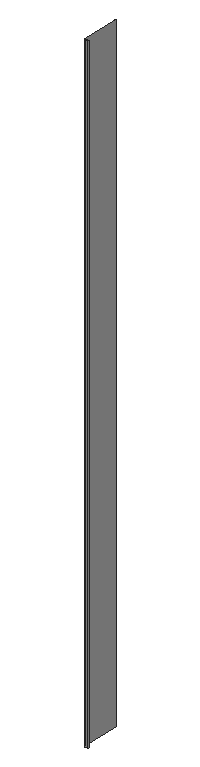
Revit family "Trennsteg-OKA2 TW 60-AA", category Generic Models, Revit 2017
Family settings
  Can host rebar = No
  Round Connector Dimension = Use Diameter
  Part Type = Normal
  Work Plane-Based = No
  Always vertical = Yes
  Cut with Voids When Loaded = No
  Shared = No
  Room Calculation Point = No
Parameters (values of type "OKA2 TW 150")
  URL = "www.http://obo-bettermann.com"
  Material = Strip-galvanised
  Manufacturer Art.No. = "7401980"
  Manufacturer = "Obo-Bettermann"
  Length = 2400 mm
  Height = 150 mm
  GTIN = "4012195093886"
  Article Type = "OKA2 TW 150"
Types (12, lengths in mm): name | Manufacturer Art.No. | Height | GTIN | Article Type
  (no name) | "7401980" | 150 | "4012195093886" | "OKA2 TW 150"
  OKA2 TW 30 | "7401984" | 30 | "4012195093893" | "OKA2 TW 30"
  OKA2 TW 40 | "7401988" | 40 | "4012195093909" | "OKA2 TW 40"
  OKA2 TW 50 | "7401992" | 50 | "4012195093930" | "OKA2 TW 50"
  OKA2 TW 60 | "7401996" | 60 | "4012195093947" | "OKA2 TW 60"
  OKA2 TW 70 | "7402000" | 70 | "4012195093992" | "OKA2 TW 70"
  OKA2 TW 80 | "7402004" | 80 | "4012195094005" | "OKA2 TW 80"
  OKA2 TW 90 | "7402008" | 90 | "4012195094012" | "OKA2 TW 90"
  OKA2 TW 100 | "7401960" | 100 | "4012195093817" | "OKA2 TW 100"
  OKA2 TW 120 | "7401968" | 120 | "4012195093831" | "OKA2 TW 120"
  OKA2 TW 140 | "7401976" | 140 | "4012195093879" | "OKA2 TW 140"
  OKA2 TW 150 | "7401980" | 150 | "4012195093886" | "OKA2 TW 150"
Reference planes
  plane 1 "Center (Front/Back)": y = 0
  plane 2: z = 0
  plane 3 "Center (Left/Right)": x = 0
Forms (mm)
  Extrusion 1, solid, material "Strip-galvanised" <- "Material"
    sketch origin (0, 0, 0) x (1, 0, 0) y (0, 1, 0)
      loop
        line (15, 0) -> (15, 0.958) -> (1.552, 0.958)
        arc (1.552, 0.958) -> (1.127, 1.134) -> (0.952, 1.558) r 0.6
        line (0.952, 1.558) -> (0.952, 150) -> (0, 150) -> (0, 1.6)
        arc (0, 1.6) -> (0.469, 0.469) -> (1.6, 0) r 1.6
        line (1.6, 0) -> (15, 0)
    from 0 to 2400
Dimensions and locks
  locked: Extrusion 1 sketch curve to Extrusion 1 sketch curve at 0.952
  locked: Extrusion 1 sketch curve to Extrusion 1 sketch curve at 0.958
  locked: Extrusion 1 sketch curve to Extrusion 1 sketch curve at 15
  "Height": Extrusion 1 sketch curve to Extrusion 1 sketch curve
  "Length": Extrusion 1 to Extrusion 1
  aligned and locked: level to plane 2
  aligned and locked: Extrusion 1 sketch curve to plane 1 "Center (Front/Back)"
  aligned and locked: plane 3 "Center (Left/Right)" to Extrusion 1 sketch curve
Automatic sketch dimensions
  Extrusion 1 sketch curve to Extrusion 1 sketch curve = 0.6 mm
  Extrusion 1 sketch curve to Extrusion 1 sketch curve = 0.048 mm
